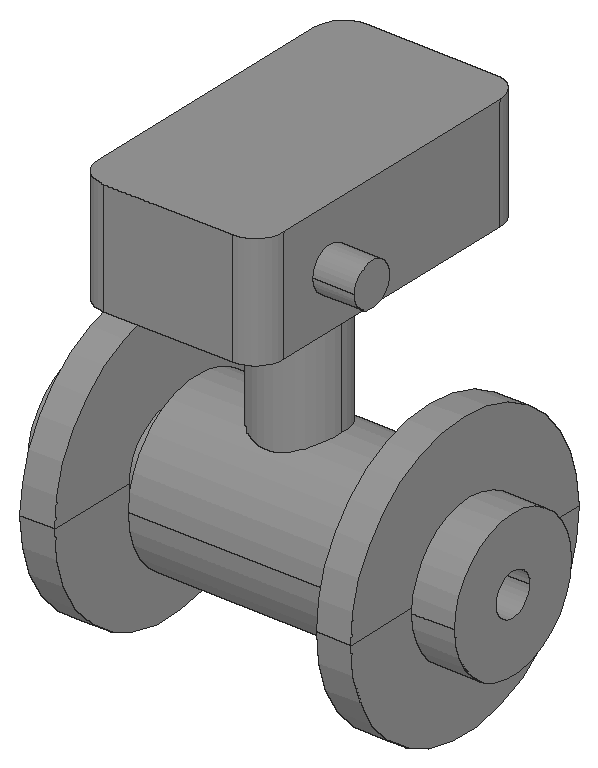
Revit family "ВИРС-М фланцевый DN15-200, PN25", category Арматура трубопроводов, Revit 2015 (continued)
Types (89, lengths in mm): name | Толщина фланца | Толщина зеркала | Тип, марка | Степень защиты | Серия | Потребляемая мощность | Строительная длина | Строительная высота | Обозначение | Минимальный расход | Масса | Максимальный расход | Максимальная температура среды | Класс точности | Исполнение | Длина по фланцам | Длина корпуса | Радиус фланца | Диаметр фланца | Радиус условный | Диаметр условный DN | Выходной сигнал | DN | Диаметр патрубка | Диаметр корпуса | Диаметр зеркала_2 | Диаметр зеркала | Высота с приводом | Высота основания привода
  Счётчик-расходомер электромагнитный (фланцевый) ВИРС-М DN100, PN25, серия 2300 | 23 | 3 | "ВИРС-М-100-Ф-25-57-232-2300-050" | "IP57" | 2300 | 4.5 W | 250 | 270 | "ВИРС-М-100-Ф-25-57-232-2300-050" | 2.5 m³/h | 18.00 kg | 250.0 m³/h | 90 °C | 0.5 | 6 | 220 | 148 | 107.5 | 215 | 50 | 100 | "частотный" | 100 | 120 | 175 | 76 | 162 | 162.5 | 122.5
  Счётчик-расходомер электромагнитный (фланцевый) ВИРС-М DN100, PN25, серия 2500 | 23 | 3 | "ВИРС-М-100-Ф-25-57-232-2500-025" | "IP57" | 2500 | 7 W | 250 | 270 | "ВИРС-М-100-Ф-25-57-232-2500-025" | 10.0 m³/h | 18.00 kg | 250.0 m³/h | 90 °C | 0.25 | 8 | 220 | 148 | 107.5 | 215 | 50 | 100 | "частотный" | 100 | 120 | 175 | 76 | 162 | 162.5 | 122.5
  Счётчик-расходомер электромагнитный (фланцевый) ВИРС-М DN150, PN25, серия 1000 | 25 | 3 | "ВИРС-М-150-Ф-25-55-232-1000-200" | "IP55" | 1000 | 4.5 W | 300 | 375 | "ВИРС-М-150-Ф-25-55-232-1000-200" | 0.6 m³/h | 31.00 kg | 312.5 m³/h | 150 °C | 2 | 1 | 270 | 194 | 140 | 280 | 75 | 150 | "числоимпульсный" | 150 | 170 | 240 | 104 | 218 | 235 | 195
  Счётчик-расходомер электромагнитный (фланцевый) ВИРС-М DN150, PN25, серия 1100 | 25 | 3 | "ВИРС-М-150-Ф-25-55-232-1100-100" | "IP55" | 1100 | 4.5 W | 300 | 375 | "ВИРС-М-150-Ф-25-55-232-1100-100" | 1.3 m³/h | 31.00 kg | 312.5 m³/h | 150 °C | 1 | 3 | 270 | 194 | 140 | 280 | 75 | 150 | "числоимпульсный" | 150 | 170 | 240 | 104 | 218 | 235 | 195
  Счётчик-расходомер электромагнитный (фланцевый) ВИРС-М DN150, PN25, серия 1300 | 25 | 3 | "ВИРС-М-150-Ф-25-57-232-1300-050" | "IP57" | 1300 | 4.5 W | 300 | 375 | "ВИРС-М-150-Ф-25-57-232-1300-050" | 3.1 m³/h | 31.00 kg | 312.5 m³/h | 90 °C | 0.5 | 5 | 270 | 194 | 140 | 280 | 75 | 150 | "частотный" | 150 | 170 | 240 | 104 | 218 | 235 | 195
  Счётчик-расходомер электромагнитный (фланцевый) ВИРС-М DN150, PN25, серия 1500 | 25 | 3 | "ВИРС-М-150-Ф-25-57-232-1500-025" | "IP57" | 1500 | 7 W | 300 | 375 | "ВИРС-М-150-Ф-25-57-232-1500-025" | 13.0 m³/h | 31.00 kg | 312.5 m³/h | 90 °C | 0.25 | 7 | 270 | 194 | 140 | 280 | 75 | 150 | "частотный" | 150 | 170 | 240 | 104 | 218 | 235 | 195
  Счётчик-расходомер электромагнитный (фланцевый) ВИРС-М DN150, PN25, серия 2000 | 25 | 3 | "ВИРС-М-150-Ф-25-55-232-2000-200" | "IP55" | 2000 | 4.5 W | 300 | 375 | "ВИРС-М-150-Ф-25-55-232-2000-200" | 0.8 m³/h | 31.00 kg | 400.0 m³/h | 150 °C | 2 | 2 | 270 | 194 | 140 | 280 | 75 | 150 | "числоимпульсный" | 150 | 170 | 240 | 104 | 218 | 235 | 195
  Счётчик-расходомер электромагнитный (фланцевый) ВИРС-М DN150, PN25, серия 2100 | 25 | 3 | "ВИРС-М-150-Ф-25-55-232-2100-100" | "IP55" | 2100 | 4.5 W | 300 | 375 | "ВИРС-М-150-Ф-25-55-232-2100-100" | 1.6 m³/h | 31.00 kg | 400.0 m³/h | 150 °C | 1 | 4 | 270 | 194 | 140 | 280 | 75 | 150 | "числоимпульсный" | 150 | 170 | 240 | 104 | 218 | 235 | 195
  Счётчик-расходомер электромагнитный (фланцевый) ВИРС-М DN150, PN25, серия 2300 | 25 | 3 | "ВИРС-М-150-Ф-25-57-232-2300-050" | "IP57" | 2300 | 4.5 W | 300 | 375 | "ВИРС-М-150-Ф-25-57-232-2300-050" | 4.0 m³/h | 31.00 kg | 400.0 m³/h | 90 °C | 0.5 | 6 | 270 | 194 | 140 | 280 | 75 | 150 | "частотный" | 150 | 170 | 240 | 104 | 218 | 235 | 195
  Счётчик-расходомер электромагнитный (фланцевый) ВИРС-М DN150, PN25, серия 2500 | 25 | 3 | "ВИРС-М-150-Ф-25-57-232-2500-025" | "IP57" | 2500 | 7 W | 300 | 375 | "ВИРС-М-150-Ф-25-57-232-2500-025" | 16.0 m³/h | 31.00 kg | 400.0 m³/h | 90 °C | 0.25 | 8 | 270 | 194 | 140 | 280 | 75 | 150 | "частотный" | 150 | 170 | 240 | 104 | 218 | 235 | 195
  Счётчик-расходомер электромагнитный (фланцевый) ВИРС-М DN200, PN25, серия 1000 | 27 | 3 | "ВИРС-М-200-Ф-25-55-232-1000-200" | "IP55" | 1000 | 4.5 W | 350 | 375 | "ВИРС-М-200-Ф-25-55-232-1000-200" | 1.0 m³/h | 34.00 kg | 500.0 m³/h | 150 °C | 2 | 1 | 320 | 240 | 167.5 | 335 | 100 | 200 | "числоимпульсный" | 200 | 220 | 295 | 132 | 274 | 207.5 | 167.5
  Счётчик-расходомер электромагнитный (фланцевый) ВИРС-М DN200, PN25, серия 1100 | 27 | 3 | "ВИРС-М-200-Ф-25-55-232-1100-100" | "IP55" | 1100 | 4.5 W | 350 | 375 | "ВИРС-М-200-Ф-25-55-232-1100-100" | 2.0 m³/h | 34.00 kg | 500.0 m³/h | 150 °C | 1 | 3 | 320 | 240 | 167.5 | 335 | 100 | 200 | "числоимпульсный" | 200 | 220 | 295 | 132 | 274 | 207.5 | 167.5
  Счётчик-расходомер электромагнитный (фланцевый) ВИРС-М DN200, PN25, серия 1300 | 27 | 3 | "ВИРС-М-200-Ф-25-57-232-1300-050" | "IP57" | 1300 | 4.5 W | 350 | 375 | "ВИРС-М-200-Ф-25-57-232-1300-050" | 5.0 m³/h | 34.00 kg | 500.0 m³/h | 90 °C | 0.5 | 5 | 320 | 240 | 167.5 | 335 | 100 | 200 | "частотный" | 200 | 220 | 295 | 132 | 274 | 207.5 | 167.5
  Счётчик-расходомер электромагнитный (фланцевый) ВИРС-М DN200, PN25, серия 1500 | 27 | 3 | "ВИРС-М-200-Ф-25-57-232-1500-025" | "IP57" | 1500 | 7 W | 350 | 375 | "ВИРС-М-200-Ф-25-57-232-1500-025" | 20.0 m³/h | 34.00 kg | 500.0 m³/h | 90 °C | 0.25 | 7 | 320 | 240 | 167.5 | 335 | 100 | 200 | "частотный" | 200 | 220 | 295 | 132 | 274 | 207.5 | 167.5
  Счётчик-расходомер электромагнитный (фланцевый) ВИРС-М DN200, PN25, серия 2000 | 27 | 3 | "ВИРС-М-200-Ф-25-55-232-2000-200" | "IP55" | 2000 | 4.5 W | 350 | 375 | "ВИРС-М-200-Ф-25-55-232-2000-200" | 1.3 m³/h | 34.00 kg | 630.0 m³/h | 150 °C | 2 | 2 | 320 | 240 | 167.5 | 335 | 100 | 200 | "числоимпульсный" | 200 | 220 | 295 | 132 | 274 | 207.5 | 167.5
  Счётчик-расходомер электромагнитный (фланцевый) ВИРС-М DN200, PN25, серия 2100 | 27 | 3 | "ВИРС-М-200-Ф-25-55-232-2100-100" | "IP55" | 2100 | 4.5 W | 350 | 375 | "ВИРС-М-200-Ф-25-55-232-2100-100" | 2.5 m³/h | 34.00 kg | 630.0 m³/h | 150 °C | 1 | 4 | 320 | 240 | 167.5 | 335 | 100 | 200 | "числоимпульсный" | 200 | 220 | 295 | 132 | 274 | 207.5 | 167.5
  Счётчик-расходомер электромагнитный (фланцевый) ВИРС-М DN200, PN25, серия 2300 | 27 | 3 | "ВИРС-М-200-Ф-25-57-232-2300-050" | "IP57" | 2300 | 4.5 W | 350 | 375 | "ВИРС-М-200-Ф-25-57-232-2300-050" | 6.3 m³/h | 34.00 kg | 630.0 m³/h | 90 °C | 0.5 | 6 | 320 | 240 | 167.5 | 335 | 100 | 200 | "частотный" | 200 | 220 | 295 | 132 | 274 | 207.5 | 167.5
  Счётчик-расходомер электромагнитный (фланцевый) ВИРС-М DN200, PN25, серия 2500 | 27 | 3 | "ВИРС-М-200-Ф-25-57-232-2500-025" | "IP57" | 2500 | 7 W | 350 | 375 | "ВИРС-М-200-Ф-25-57-232-2500-025" | 25.0 m³/h | 34.00 kg | 630.0 m³/h | 90 °C | 0.25 | 8 | 320 | 240 | 167.5 | 335 | 100 | 200 | "частотный" | 200 | 220 | 295 | 132 | 274 | 207.5 | 167.5
